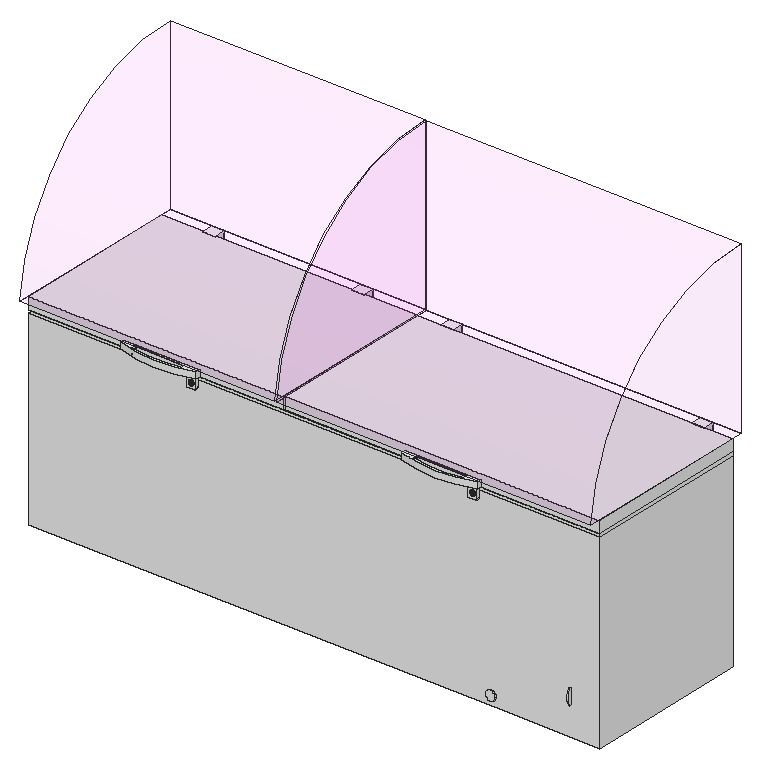
Revit family "Qf_Summit_SCFM252WH_27 Cu.Ft. Chest Freezer", category Specialty Equipment, Revit 2020
Family settings
  Round Connector Dimension = Use Diameter
  Part Type = Normal
  Work Plane-Based = No
  Always vertical = Yes
  Cut with Voids When Loaded = No
  Shared = No
  Room Calculation Point = No
Parameters
  Weight in Pounds = 250
  Watts = FL Amps * Volts  # 264.5 W
  Volts = 115 V
  URL Cutsheet = ""
  Specification by User = ""
  Specification by Manufacturer = ""
  Show Clearance [instance] = yes
  Show Casters [instance] = yes
  Serial Number = ""
  Seismic Rating = ""
  SMACNA No = ""
  Revision Code = ""
  Refrigerant Volume = 0.00 kip
  Refrigerant Type = "R290a"
  Phase = 1
  Number of Poles = 1
  NAFEM Spec ID Number = ""
  Model = "SCFM252WH"
  Min Ckt Ampacity = 0 A
  Max Overcurrent Protection = 0 A
  Masterspec = ""
  Manufacturer = "Summit"
  Length = 91 1/4"
  Item Number = ""
  Installed By = ""
  Indirect Waste Size = 0"
  Indirect Waste Flow = 0 GPM
  Indirect Waste Connection Type = ""
  Identify Quantity as Lot = yes
  Height = 33 7/8"
  HP = ""
  Furnished By = ""
  Foodservice Equipment Identifier = yes
  FL Amps = 2.3 A
  Electrical Remarks = ""
  Electric Connection Type = ""
  Elec Conn RI Height = 0"
  Elec Conn Connection Height = 0"
  Description = "27 Cu.Ft. Chest Freezer"
  Depth = 28 1/4"
  Default Elevation = 0"
  Cycle = 60 Hz
  Conn Plug = ""
  Conn Conduit = yes
  CSI MasterFormat = ""
  Base Height [instance] = 1 1/4"
  Apparent Power = 828 VA
Reference planes (in)
  plane 1: z = 0
  plane 2 "LEFT": x = 0
  plane 3 "RIGHT": x = 91.25
  plane 4 "FRONT": y = -29
  plane 5 "TOP": z = 33.875
  plane 6 "Center Y": x = 45.625
  plane 7 "Center X": y = -14.875
  plane 8 "BACK": y = -0.75
  plane 9: z = 31.5
  plane 10: z = 61
  plane 11: y = -30.75
  plane 12: z = 1.34882
  plane 13: z = 33.875
  plane 14: z = 1.25
  plane 15: y = -26.5
  plane 16: y = -5
  plane 17: x = 86.125
  plane 18: x = 5.125
Lines and regions (in)
  symbolic lines, style "QF_Clearances_Door_Drawer"
    curve 1: arc (23.88, -24.89343, 53.88985) -> (23.88, -28.19841, 49.36538) -> (23.88, -30.64355, 44.32405) r 31.29298
    curve 2: line (23.88, -0.75, 33.875) -> (23.88, -24.89343, 53.88985)
Dimensions and locks (in)
  equal spacing: plane 2 "LEFT", plane 6 "Center Y", plane 3 "RIGHT"
  "Length": plane 2 "LEFT" to plane 3 "RIGHT"
  equal spacing: plane 4 "FRONT", plane 7 "Center X", plane 8 "BACK"
  "Height": plane 5 "TOP" to level
  plane 3 "RIGHT" to plane 2 "LEFT" = 91 1/4"
  plane 5 "TOP" to level = 33 7/8"  (x2)
  "Depth": plane 4 "FRONT" to plane 8 "BACK"
  plane 10 to level = 61"
  plane 9 to plane 14 = 30 1/4"
  plane 11 to plane 8 "BACK" = 30"
  "Base Height": plane 14 to level
  locked: plane 16 to plane 8 "BACK" at 4.25
  locked: plane 4 "FRONT" to plane 15 at 2.5
  locked: plane 3 "RIGHT" to plane 17 at 5.125
  locked: plane 2 "LEFT" to plane 18 at 5.125
  aligned and locked: level to plane 1
  aligned and locked: plane 13 to plane 5 "TOP"
  aligned and locked: plane 7 "Center X" to nested 1
  aligned and locked: plane 18 to nested 3
  aligned and locked: plane 18 to nested 2
  aligned and locked: plane 6 "Center Y" to nested 4
  aligned and locked: plane 6 "Center Y" to nested 5
  aligned and locked: plane 17 to nested 7
  aligned and locked: plane 17 to nested 6
Automatic sketch dimensions
  curve 2 to plane 8 "BACK" = 0"
  curve 2 to plane 13 = 0"
  plane 8 "BACK" to curve 1 = 0.62806"
  curve 1 to plane 5 "TOP" = 0.63166"
  plane 10 to curve 2 = 7.11015"
  curve 1 to plane 11 = 0.10645"
  curve 2 to plane 4 "FRONT" = 4.10657"
Nested families (in)
  nested 1: "Summit_SCFM252WH" at (0, 0, 0), type "Summit_SCFM252WH"
  nested 2: "Summit_CASTER-2" at (3.92188, -3.67188, 0), visible <- "Show Casters", type "Summit_CASTER-2"
  nested 3: "Summit_CASTER-2" at (3.92188, -25.17188, 0), visible <- "Show Casters", type "Summit_CASTER-2"
  nested 4: "Summit_CASTER-2" at (44.42187, -25.17188, 0), visible <- "Show Casters", type "Summit_CASTER-2"
  nested 5: "Summit_CASTER-2" at (44.42188, -3.67188, 0), visible <- "Show Casters", type "Summit_CASTER-2"
  nested 6: "Summit_CASTER-2" at (84.92188, -3.67188, 0), visible <- "Show Casters", type "Summit_CASTER-2"
  nested 7: "Summit_CASTER-2" at (84.92188, -25.17188, 0), visible <- "Show Casters", type "Summit_CASTER-2"
Connectors (in)
  electrical at (81.24454, -0.75, 3.25), driven by "Volts", driven by "Apparent Power"
    settings: on nested 1, index 1, voltage 115 V, apparent load 828 VA, apparent load phase1 0 VA, apparent load phase2 0 VA, apparent load phase3 0 VA, power factor 1, load classification "Other", number of poles 1, system type 30, power factor state 1, is connector primary yes, connector utility no, sub classification motor no, connector description "Electrical Inlet"
Definition of nested family "Summit_SCFM252WH"
  Parameters (values of type "Summit_SCFM252WH")
    Model = ""
    Manufacturer = ""
    Length = 91 1/4"
    Height = 33 7/8"
    Description = ""
    Depth = 28 1/4"
    Default Elevation = 0"
  Reference planes (in)
    plane 1: z = 0
    plane 2 "LEFT": x = 0
    plane 3 "RIGHT": x = 91.25
    plane 4 "FRONT": y = -29
    plane 5 "TOP": z = 33.875
    plane 6 "Center Y": x = 45.625
    plane 7 "Center X": y = -14.875
    plane 8 "BACK": y = -0.75
    plane 9: z = 32
    plane 10: z = 61
    plane 11: y = -30.75
    plane 12: y = -24.67613
    plane 13: z = 1.25
    plane 14: x = 5.125
    plane 15: y = -26.5
    plane 16: y = -5
    plane 17: z = 31.5
    plane 18: z = 8.21721
    plane 19: x = 86.125
  Forms (in)
    Extrusion 1, solid
      sketch origin (0, 0, 0) x (1, 0, 0) y (0, 1, 0)
        loop
          line (0, -2.5) -> (0, -29) -> (91.25, -29) -> (91.25, -2.5) -> (0, -2.5)
      from 1.25 to 31.5
    Extrusion 2, solid
      sketch origin (0, 0, 0) x (1, 0, 0) y (0, 1, 0)
        loop
          line (0, -2.5) -> (0, -29) -> (40.75, -29) -> (40.75, -2.5) -> (0, -2.5)
      from 32 to 33.875
    Extrusion 3, solid
      sketch origin (0, 0, 0) x (1, 0, 0) y (0, 1, 0)
        loop
          line (91.25, -29) -> (91.25, -2.5) -> (0.375, -2.5) -> (0.375, -29) -> (91.25, -29)
      from 32 to 31.5
    Extrusion 4, solid
      sketch origin (23.88, -0.20959, 0) x (0, 1, 0) y (0, 0, 1)
        loop
          line (-0.54041, 33.875) -> (-0.54041, 61)
          arc (-0.54041, 61) -> (-20.95944, 53.43099) -> (-30.54014, 33.875) r 29.34507
          line (-30.54014, 33.875) -> (-0.54041, 33.875)
      from -23.88 to 16.87
    Extrusion 5, solid
      sketch origin (-5.25, 0, -1.09678) x (1, 0, 0) y (0, 1, 0)
        loop
          line (13.81099, -0.75) -> (11.93621, -0.75)
          arc (11.93621, -0.75) -> (11.89293, -0.76793) -> (11.875, -0.81121) r 0.06121
          line (11.875, -0.81121) -> (11.875, -2.5) -> (13.875, -2.5) -> (13.875, -0.81401)
          arc (13.875, -0.81401) -> (13.85625, -0.76875) -> (13.81099, -0.75) r 0.06401
      from 29.87748 to 34.97178
    Extrusion 6, solid
      sketch origin (0, -0.75, 0) x (1, 0, 0) y (0, 0, 1)
        loop
          line (8.125, 1.75) -> (0, 1.75) -> (0, 1.25) -> (8.125, 1.25) -> (8.125, 1.75)
        loop
          line (74.5, 1.75) -> (74.5, 1.25) -> (91.25, 1.25) -> (91.25, 1.75) -> (74.5, 1.75)
      from 1.75 to 28.25
    Extrusion 7, solid
      sketch origin (-0.33103, -29, 0.72217) x (1, 0, 0) y (0, 0, 1)
        loop
          circle (74.20617, 2.02068) r 0.75
      from 0 to 0.15
    Extrusion 8, solid
      sketch origin (70.5, 0, -1.09678) x (-1, 0, 0) y (0, -1, 0)
        loop
          arc (-14.31401, 0.75) -> (-14.26875, 0.76875) -> (-14.25, 0.81401) r 0.06401
          line (-14.25, 0.81401) -> (-14.25, 2.5) -> (-16.25, 2.5) -> (-16.25, 0.81121)
          arc (-16.25, 0.81121) -> (-16.23207, 0.76793) -> (-16.18879, 0.75) r 0.06121
          line (-16.18879, 0.75) -> (-14.31401, 0.75)
      from 29.87748 to 34.97178
    Extrusion 9, solid
      sketch origin (41.75, 0, -1.09678) x (-1, 0, 0) y (0, -1, 0)
        loop
          arc (-2.93901, 0.75) -> (-2.89375, 0.76875) -> (-2.875, 0.81401) r 0.06401
          line (-2.875, 0.81401) -> (-2.875, 2.5) -> (-4.875, 2.5) -> (-4.875, 0.81121)
          arc (-4.875, 0.81121) -> (-4.85707, 0.76793) -> (-4.81379, 0.75) r 0.06121
          line (-4.81379, 0.75) -> (-2.93901, 0.75)
      from 29.87748 to 34.97178
    Extrusion 10, solid
      sketch origin (12.58215, -30.39733, -0.79961) x (1, 0, 0) y (0, 0, 1)
        loop
          circle (58.61851, 31.74798) r 0.4375
        loop
          circle (58.61851, 31.74798) r 0.3125
        loop
          line (58.58726, 31.96804) -> (58.58726, 31.63987) -> (58.64976, 31.63987) -> (58.64976, 31.96804) -> (58.58726, 31.96804)
      from -0.9984 to -1.39733
    Extrusion 11, solid
      sketch origin (13.4, 0, -1.09678) x (1, 0, 0) y (0, 1, 0)
        loop
          line (18.91099, -0.75) -> (17.03621, -0.75)
          arc (17.03621, -0.75) -> (16.99293, -0.76793) -> (16.975, -0.81121) r 0.06121
          line (16.975, -0.81121) -> (16.975, -2.5) -> (18.975, -2.5) -> (18.975, -0.81401)
          arc (18.975, -0.81401) -> (18.95625, -0.76875) -> (18.91099, -0.75) r 0.06401
      from 29.87748 to 34.97178
    Extrusion 12, solid
      sketch origin (12.95568, 0.25, 0) x (1, 0, 0) y (0, 0, 1)
        loop
          line (57.49498, 32) -> (57.49498, 30.36346)
          arc (57.49498, 30.36346) -> (57.56821, 30.18669) -> (57.74498, 30.11346) r 0.25
          line (57.74498, 30.11346) -> (58.74498, 30.11346)
          arc (58.74498, 30.11346) -> (58.92176, 30.18669) -> (58.99498, 30.36346) r 0.25
          line (58.99498, 30.36346) -> (58.99498, 32) -> (57.49498, 32)
        loop
          circle (58.24498, 30.94837) r 0.4375
        loop
          line (12.54432, 32) -> (12.54432, 30.36346)
          arc (12.54432, 30.36346) -> (12.61755, 30.18669) -> (12.79432, 30.11346) r 0.25
          line (12.79432, 30.11346) -> (13.79432, 30.11346)
          arc (13.79432, 30.11346) -> (13.9711, 30.18669) -> (14.04432, 30.36346) r 0.25
          line (14.04432, 30.36346) -> (14.04432, 32) -> (12.54432, 32)
        loop
          circle (13.29432, 30.94837) r 0.4375
        loop
          circle (13.29432, 30.94837) r 0.3125
        loop
          line (13.32557, 30.84026) -> (13.32557, 31.16842) -> (13.26307, 31.16842) -> (13.26307, 30.84026) -> (13.32557, 30.84026)
        loop
          circle (58.24498, 30.94837) r 0.3125
        loop
          line (58.27623, 30.84026) -> (58.27623, 31.16842) -> (58.21373, 31.16842) -> (58.21373, 30.84026) -> (58.27623, 30.84026)
      from 29.25 to 29.64894
    Extrusion 13, solid
      sketch origin (75.82932, -0.75, 7.90536) x (0, 0, -1) y (0, 1, 0)
        loop
          line (-0.31186, -28.25) -> (-0.31186, -28.43196)
          arc (-0.31186, -28.43196) -> (0.90613, -28.74097) -> (2.12411, -28.43196) r 2.55484
          line (2.12411, -28.43196) -> (2.12411, -28.25) -> (-0.31186, -28.25)
      from 10.75983 to 10.50983
    Extrusion 14, solid
      sketch origin (-23.125, -3.75, -1.09678) x (1, 0, 0) y (0, 1, 0)
        loop
          arc (38.375, -25.94589) -> (44.375, -27) -> (50.375, -25.94589) r 17.60307
          line (50.375, -25.94589) -> (50.375, -25.25) -> (38.375, -25.25) -> (38.375, -25.94589)
        loop
          arc (40.375, -26.17719) -> (40.38579, -26.20822) -> (40.4135, -26.22585) r 0.05
          arc (40.4135, -26.22585) -> (44.375, -26.6875) -> (48.3365, -26.22585) r 17.22807
          arc (48.3365, -26.22585) -> (48.36421, -26.20822) -> (48.375, -26.17719) r 0.05
          line (48.375, -26.17719) -> (48.375, -25.6125)
          arc (48.375, -25.6125) -> (48.36036, -25.57714) -> (48.325, -25.5625) r 0.05
          line (48.325, -25.5625) -> (40.425, -25.5625)
          arc (40.425, -25.5625) -> (40.38964, -25.57714) -> (40.375, -25.6125) r 0.05
          line (40.375, -25.6125) -> (40.375, -26.17719)
      from 33.09678 to 34.09678
    Extrusion 15, solid
      sketch origin (19.25, -3.75, -1.09678) x (1, 0, 0) y (0, 1, 0)
        loop
          arc (40.95066, -25.94589) -> (46.95066, -27) -> (52.95066, -25.94589) r 17.60307
          line (52.95066, -25.94589) -> (52.95066, -25.25) -> (40.95066, -25.25) -> (40.95066, -25.94589)
        loop
          arc (42.98916, -26.22585) -> (46.95066, -26.6875) -> (50.91216, -26.22585) r 17.22807
          arc (50.91216, -26.22585) -> (50.93987, -26.20822) -> (50.95066, -26.17719) r 0.05
          line (50.95066, -26.17719) -> (50.95066, -25.6125)
          arc (50.95066, -25.6125) -> (50.93601, -25.57714) -> (50.90066, -25.5625) r 0.05
          line (50.90066, -25.5625) -> (43.00066, -25.5625)
          arc (43.00066, -25.5625) -> (42.9653, -25.57714) -> (42.95066, -25.6125) r 0.05
          line (42.95066, -25.6125) -> (42.95066, -26.17719)
          arc (42.95066, -26.17719) -> (42.96145, -26.20822) -> (42.98916, -26.22585) r 0.05
      from 33.09678 to 34.09678
    Extrusion 16, solid
      sketch origin (-32.36851, -30.39733, -0.79961) x (1, 0, 0) y (0, 0, 1)
        loop
          circle (58.61851, 31.74798) r 0.4375
        loop
          circle (58.61851, 31.74798) r 0.3125
        loop
          line (58.58726, 31.96804) -> (58.58726, 31.63987) -> (58.64976, 31.63987) -> (58.64976, 31.96804) -> (58.58726, 31.96804)
      from -0.9984 to -1.39733
    Extrusion 17, solid
      sketch origin (41, 0, 0) x (1, 0, 0) y (0, 1, 0)
        loop
          line (0, -2.5) -> (0, -29) -> (50.25, -29) -> (50.25, -2.5) -> (0, -2.5)
      from 32 to 33.875
    Extrusion 18, solid
      sketch origin (58.12, -0.20959, 0) x (0, 1, 0) y (0, 0, -1)
        loop
          line (-0.54041, -33.875) -> (-30.54014, -33.875)
          arc (-30.54014, -33.875) -> (-20.95944, -53.43099) -> (-0.54041, -61) r 29.34507
          line (-0.54041, -61) -> (-0.54041, -33.875)
      from -33.13 to 17.12
    Extrusion 19, solid
      sketch origin (0, -0.75, 0) x (1, 0, 0) y (0, 0, 1)
        loop
          circle (81.24454, 3.25) r 0.25
      from 0 to 0.03125
  Cuts and joins
    joined: Extrusion 1, Extrusion 6, Extrusion 7, Extrusion 19
  Lines and regions (in)
    Split face 1
      outline origin (0.0625, -29, 31.51563) x (0, 0, -1) y (1, 0, 0)
        loop
          arc (22.75252, 82.8951) -> (24.50252, 81.1451) -> (26.25252, 82.8951) r 1.75
          line (26.25252, 82.8951) -> (26.25252, 86.3951)
          arc (26.25252, 86.3951) -> (24.50252, 88.1451) -> (22.75252, 86.3951) r 1.75
          line (22.75252, 86.3951) -> (22.75252, 82.8951)
    Split face 2
      outline origin (0.0625, -29, 31.51563) x (0, 0, -1) y (1, 0, 0)
        loop
          arc (22.81502, 82.92635) -> (24.50252, 81.23885) -> (26.19002, 82.92635) r 1.6875
          line (26.19002, 82.92635) -> (26.19002, 86.36385)
          arc (26.19002, 86.36385) -> (24.50252, 88.05135) -> (22.81502, 86.36385) r 1.6875
          line (22.81502, 86.36385) -> (22.81502, 82.92635)
    Split face 3
      outline origin (3.37627, -29, 31.91694) x (0, 0, -1) y (1, 0, 0)
        loop
          circle (25.90383, 79.58133) r 0.25
    Split face 4
      outline origin (0.25127, -29, 31.91694) x (0, 0, -1) y (1, 0, 0)
        loop
          circle (25.90383, 84.20633) r 0.25
    Split face 5
      outline origin (0.75, -29, 31.89063) x (0, 0, -1) y (1, 0, 0)
        loop
          circle (24.87494, 85.70274) r 1.25
    Split face 6
      outline origin (0.75, -29, 31.89063) x (0, 0, -1) y (1, 0, 0)
        loop
          circle (24.87494, 85.70274) r 1.19066
    symbolic lines
      curve 1: arc (23.88, -22.68683, 51.94043) -> (23.88, -28.27687, 43.6057) -> (23.88, -30.73241, 33.875) r 29.35218
      curve 2: line (23.88, -0.81401, 33.875) -> (23.88, -22.68683, 51.94043)
      curve 3: line (91.25, -29, 0) -> (91.25, -2.5, 0)
      curve 4: line (91.25, -2.5, 0) -> (41, -2.5, 0)
      curve 5: line (0, -2.5, 0) -> (0, -29, 0)
      curve 6: line (0, -29, 0) -> (41, -29, 0)
      curve 7: arc (50.29151, -29.65683, 0) -> (50.2958, -29.65167, 0) -> (50.29992, -29.64637, 0) r 0.2
      curve 8: line (53.75, -29, 0) -> (53.75, -29.25, 0)
      curve 9: line (53.75, -29.25, 0) -> (53.75, -29, 0)
      curve 10: line (6.6, -0.8125, 0) -> (6.6, -2.43963, 0)
      curve 11: arc (6.6, -2.43963, 0) -> (6.61831, -2.48383, 0) -> (6.6625, -2.50213, 0) r 0.0625
      curve 12: line (6.6625, -2.50213, 0) -> (6.725, -2.50213, 0)
      curve 13: line (6.725, -2.50213, 0) -> (6.725, -0.75, 0)
      curve 14: line (6.725, -0.75, 0) -> (6.6625, -0.75, 0)
      curve 15: arc (6.6625, -0.75, 0) -> (6.61831, -0.76831, 0) -> (6.6, -0.8125, 0) r 0.0625
      curve 16: line (8.6, -2.43963, 0) -> (8.6, -0.8125, 0)
      curve 17: arc (8.6, -0.8125, 0) -> (8.58169, -0.76831, 0) -> (8.5375, -0.75, 0) r 0.0625
      curve 18: line (8.5375, -0.75, 0) -> (8.475, -0.75, 0)
      curve 19: line (8.475, -0.75, 0) -> (8.475, -2.50213, 0)
      curve 20: line (8.475, -2.50213, 0) -> (8.5375, -2.50213, 0)
      curve 21: arc (8.5375, -2.50213, 0) -> (8.58169, -2.48383, 0) -> (8.6, -2.43963, 0) r 0.0625
      curve 22: line (8.41099, -0.75, 0) -> (6.78621, -0.75, 0)
      curve 23: arc (6.78621, -0.75, 0) -> (6.74293, -0.76793, 0) -> (6.725, -0.81121, 0) r 0.06121
      curve 24: line (6.725, -0.81121, 0) -> (6.725, -2.43963, 0)
      curve 25: line (6.725, -2.43963, 0) -> (8.475, -2.43963, 0)
      curve 26: line (8.475, -2.43963, 0) -> (8.475, -0.81401, 0)
      curve 27: arc (8.475, -0.81401, 0) -> (8.45625, -0.76875, 0) -> (8.41099, -0.75, 0) r 0.06401
      curve 28: line (86.74375, -0.8125, 0) -> (86.74375, -2.43963, 0)
      curve 29: arc (86.74375, -2.43963, 0) -> (86.72544, -2.48383, 0) -> (86.68125, -2.50213, 0) r 0.0625
      curve 30: line (86.68125, -2.50213, 0) -> (86.61875, -2.50213, 0)
      curve 31: line (86.61875, -2.50213, 0) -> (86.61875, -0.75, 0)
      curve 32: line (86.61875, -0.75, 0) -> (86.68125, -0.75, 0)
      curve 33: arc (86.68125, -0.75, 0) -> (86.72544, -0.76831, 0) -> (86.74375, -0.8125, 0) r 0.0625
      curve 34: line (84.74375, -2.43963, 0) -> (84.74375, -0.8125, 0)
      curve 35: arc (84.74375, -0.8125, 0) -> (84.76206, -0.76831, 0) -> (84.80625, -0.75, 0) r 0.0625
      curve 36: line (84.80625, -0.75, 0) -> (84.86875, -0.75, 0)
      curve 37: line (84.86875, -0.75, 0) -> (84.86875, -2.50213, 0)
      curve 38: line (84.86875, -2.50213, 0) -> (84.80625, -2.50213, 0)
      curve 39: arc (84.80625, -2.50213, 0) -> (84.76206, -2.48383, 0) -> (84.74375, -2.43963, 0) r 0.0625
      curve 40: line (84.93276, -0.75, 0) -> (86.55754, -0.75, 0)
      curve 41: arc (86.55754, -0.75, 0) -> (86.60082, -0.76793, 0) -> (86.61875, -0.81121, 0) r 0.06121
      curve 42: line (86.61875, -0.81121, 0) -> (86.61875, -2.43963, 0)
      curve 43: line (86.61875, -2.43963, 0) -> (84.86875, -2.43963, 0)
      curve 44: line (84.86875, -2.43963, 0) -> (84.86875, -0.81401, 0)
      curve 45: arc (84.86875, -0.81401, 0) -> (84.8875, -0.76875, 0) -> (84.93276, -0.75, 0) r 0.06401
      curve 46: line (32.375, -0.8125, 0) -> (32.375, -2.43963, 0)
      curve 47: arc (32.375, -2.43963, 0) -> (32.35669, -2.48383, 0) -> (32.3125, -2.50213, 0) r 0.0625
      curve 48: line (32.3125, -2.50213, 0) -> (32.25, -2.50213, 0)
      curve 49: line (32.25, -2.50213, 0) -> (32.25, -0.75, 0)
      curve 50: line (32.25, -0.75, 0) -> (32.3125, -0.75, 0)
      curve 51: arc (32.3125, -0.75, 0) -> (32.35669, -0.76831, 0) -> (32.375, -0.8125, 0) r 0.0625
      curve 52: line (30.375, -2.43963, 0) -> (30.375, -0.8125, 0)
      curve 53: arc (30.375, -0.8125, 0) -> (30.39331, -0.76831, 0) -> (30.4375, -0.75, 0) r 0.0625
      curve 54: line (30.4375, -0.75, 0) -> (30.5, -0.75, 0)
      curve 55: line (30.5, -0.75, 0) -> (30.5, -2.50213, 0)
      curve 56: line (30.5, -2.50213, 0) -> (30.4375, -2.50213, 0)
      curve 57: arc (30.4375, -2.50213, 0) -> (30.39331, -2.48383, 0) -> (30.375, -2.43963, 0) r 0.0625
      curve 58: line (30.56401, -0.75, 0) -> (32.18879, -0.75, 0)
      curve 59: arc (32.18879, -0.75, 0) -> (32.23207, -0.76793, 0) -> (32.25, -0.81121, 0) r 0.06121
      curve 60: line (32.25, -0.81121, 0) -> (32.25, -2.43963, 0)
      curve 61: line (32.25, -2.43963, 0) -> (30.5, -2.43963, 0)
      curve 62: line (30.5, -2.43963, 0) -> (30.5, -0.81401, 0)
      curve 63: arc (30.5, -0.81401, 0) -> (30.51875, -0.76875, 0) -> (30.56401, -0.75, 0) r 0.06401
      curve 64: line (46.625, -0.8125, 0) -> (46.625, -2.43963, 0)
      curve 65: arc (46.625, -2.43963, 0) -> (46.60669, -2.48383, 0) -> (46.5625, -2.50213, 0) r 0.0625
      curve 66: line (46.5625, -2.50213, 0) -> (46.5, -2.50213, 0)
      curve 67: line (46.5, -2.50213, 0) -> (46.5, -0.75, 0)
      curve 68: line (46.5, -0.75, 0) -> (46.5625, -0.75, 0)
      curve 69: arc (46.5625, -0.75, 0) -> (46.60669, -0.76831, 0) -> (46.625, -0.8125, 0) r 0.0625
      curve 70: line (44.625, -2.43963, 0) -> (44.625, -0.8125, 0)
      curve 71: arc (44.625, -0.8125, 0) -> (44.64331, -0.76831, 0) -> (44.6875, -0.75, 0) r 0.0625
      curve 72: line (44.6875, -0.75, 0) -> (44.75, -0.75, 0)
      curve 73: line (44.75, -0.75, 0) -> (44.75, -2.50213, 0)
      curve 74: line (44.75, -2.50213, 0) -> (44.6875, -2.50213, 0)
      curve 75: arc (44.6875, -2.50213, 0) -> (44.64331, -2.48383, 0) -> (44.625, -2.43963, 0) r 0.0625
      curve 76: line (44.81401, -0.75, 0) -> (46.43879, -0.75, 0)
      curve 77: arc (46.43879, -0.75, 0) -> (46.48207, -0.76793, 0) -> (46.5, -0.81121, 0) r 0.06121
      curve 78: line (46.5, -0.81121, 0) -> (46.5, -2.43963, 0)
      curve 79: line (46.5, -2.43963, 0) -> (44.75, -2.43963, 0)
      curve 80: line (44.75, -2.43963, 0) -> (44.75, -0.81401, 0)
      curve 81: arc (44.75, -0.81401, 0) -> (44.76875, -0.76875, 0) -> (44.81401, -0.75, 0) r 0.06401
      curve 82: line (40.75, -29, 0) -> (40.75, -2.5, 0)
      curve 83: line (41, -2.5, 0) -> (41, -29, 0)
      curve 84: line (41, -2.5, 0) -> (0, -2.5, 0)
      curve 85: line (41, -29, 0) -> (91.25, -29, 0)
      curve 86: line (17.3, -29.3125, 0) -> (25.2, -29.3125, 0)
      curve 87: arc (25.2, -29.3125, 0) -> (25.23536, -29.32714, 0) -> (25.25, -29.3625, 0) r 0.05
      curve 88: line (25.25, -29.3625, 0) -> (25.25, -29.92719, 0)
      curve 89: arc (25.25, -29.92719, 0) -> (25.23921, -29.95822, 0) -> (25.2115, -29.97585, 0) r 0.05
      curve 90: arc (25.2115, -29.97585, 0) -> (21.25, -30.4375, 0) -> (17.2885, -29.97585, 0) r 17.22807
      curve 91: arc (17.2885, -29.97585, 0) -> (17.26079, -29.95822, 0) -> (17.25, -29.92719, 0) r 0.05
      curve 92: line (17.25, -29.92719, 0) -> (17.25, -29.3625, 0)
      curve 93: arc (17.25, -29.3625, 0) -> (17.26464, -29.32714, 0) -> (17.3, -29.3125, 0) r 0.05
      curve 94: line (15.25, -29, 0) -> (15.25, -29.69589, 0)
      curve 95: arc (15.25, -29.69589, 0) -> (21.25, -30.75, 0) -> (27.25, -29.69589, 0) r 17.60307
      curve 96: line (27.25, -29.69589, 0) -> (27.25, -29, 0)
      curve 97: arc (60.20066, -29.69589, 0) -> (66.20066, -30.75, 0) -> (72.20066, -29.69589, 0) r 17.60307
      curve 98: line (72.20066, -29.69589, 0) -> (72.20066, -29, 0)
      curve 99: line (60.20066, -29, 0) -> (60.20066, -29.69589, 0)
      curve 100: line (62.25066, -29.3125, 0) -> (70.15066, -29.3125, 0)
      curve 101: arc (70.15066, -29.3125, 0) -> (70.18601, -29.32714, 0) -> (70.20066, -29.3625, 0) r 0.05
      curve 102: line (70.20066, -29.3625, 0) -> (70.20066, -29.92719, 0)
      curve 103: arc (70.20066, -29.92719, 0) -> (70.18987, -29.95822, 0) -> (70.16216, -29.97585, 0) r 0.05
      curve 104: arc (70.16216, -29.97585, 0) -> (66.20066, -30.4375, 0) -> (62.23916, -29.97585, 0) r 17.22807
      curve 105: arc (62.23916, -29.97585, 0) -> (62.21145, -29.95822, 0) -> (62.20066, -29.92719, 0) r 0.05
      curve 106: line (62.20066, -29.92719, 0) -> (62.20066, -29.3625, 0)
      curve 107: arc (62.20066, -29.3625, 0) -> (62.2153, -29.32714, 0) -> (62.25066, -29.3125, 0) r 0.05
  Dimensions and locks (in)
    equal spacing: plane 2 "LEFT", plane 6 "Center Y", plane 3 "RIGHT"
    "Length": plane 2 "LEFT" to plane 3 "RIGHT"
    equal spacing: plane 4 "FRONT", plane 7 "Center X", plane 8 "BACK"
    "Height": plane 5 "TOP" to level
    plane 3 "RIGHT" to plane 2 "LEFT" = 91 1/4"
    plane 5 "TOP" to level = 33 7/8"  (x2)
    "Depth": plane 4 "FRONT" to plane 8 "BACK"
    plane 10 to level = 61"
    cut or joined group of Extrusion 1, Extrusion 6, Extrusion 7, Extrusion 19 to plane 13 = 30 1/4"
    plane 11 to plane 8 "BACK" = 30"
    Extrusion 2 to plane 4 "FRONT" = 26 1/2"
    plane 11 to plane 4 "FRONT" = 1 3/4"
    locked: plane 14 to plane 2 "LEFT" at 5.125
    locked: plane 4 "FRONT" to plane 15 at 2.5
    locked: plane 16 to cut or joined group of Extrusion 1, Extrusion 6, Extrusion 7, Extrusion 19 at 2.5
    plane 9 to plane 13 = 30 3/4"
    plane 13 to level = 1 1/4"
    plane 9 to plane 17 = 1/2"
    Extrusion 18 to Extrusion 4 = 1/4"
    locked: plane 3 "RIGHT" to plane 19 at 5.125
    Extrusion 4 to Extrusion 4 = 40 3/4"
    Extrusion 18 to plane 3 "RIGHT" = 50 1/4"
    Extrusion 18 to cut or joined group of Extrusion 1, Extrusion 6, Extrusion 7, Extrusion 19 = 32 5/8"
    aligned and locked: level to plane 1
    aligned and locked: plane 5 "TOP" to Extrusion 2
    aligned and locked: Extrusion 4 to plane 2 "LEFT"
    aligned and locked: plane 4 "FRONT" to Extrusion 6
    aligned and locked: Extrusion 6 to cut or joined group of Extrusion 1, Extrusion 6, Extrusion 7, Extrusion 19
    aligned and locked: Extrusion 3 to plane 3 "RIGHT"
    aligned and locked: plane 5 "TOP" to Extrusion 5
    aligned and locked: plane 5 "TOP" to Extrusion 11
    aligned and locked: Extrusion 8 to Extrusion 5
    aligned and locked: Extrusion 9 to Extrusion 8
    aligned and locked: Extrusion 11 to Extrusion 8
    aligned and locked: Extrusion 4 to Extrusion 11
    aligned and locked: Extrusion 8 to Extrusion 4
    aligned and locked: Extrusion 9 to Extrusion 4
    aligned and locked: Extrusion 17 to plane 3 "RIGHT"
  Automatic sketch dimensions
    Extrusion 1 sketch curve to plane 2 "LEFT" = 0"
    Extrusion 1 sketch curve to plane 3 "RIGHT" = 0"
    plane 4 "FRONT" to Extrusion 1 sketch curve = 0"
    plane 8 "BACK" to Extrusion 1 sketch curve = 1 3/4"
    Extrusion 2 sketch curve to plane 2 "LEFT" = 0"
    plane 4 "FRONT" to Extrusion 2 sketch curve = 0"
    Extrusion 2 sketch curve to plane 6 "Center Y" = 4 7/8"
    plane 8 "BACK" to Extrusion 2 sketch curve = 1 3/4"
    plane 4 "FRONT" to Extrusion 3 sketch curve = 0"
    Extrusion 3 sketch curve to plane 3 "RIGHT" = 0"
    plane 2 "LEFT" to Extrusion 3 sketch curve = 3/8"
    plane 8 "BACK" to Extrusion 3 sketch curve = 1 3/4"
    Split face 1 sketch curve to cut or joined group of Extrusion 1, Extrusion 6, Extrusion 7, Extrusion 19 = 7.51311"
    Split face 1 sketch curve to Split face 1 sketch curve = 1 3/4"
    Split face 1 sketch curve to cut or joined group of Extrusion 1, Extrusion 6, Extrusion 7, Extrusion 19 = 8.2924"
    Split face 1 sketch curve to Split face 1 sketch curve = 3 1/2"
    Split face 2 sketch curve to cut or joined group of Extrusion 1, Extrusion 6, Extrusion 7, Extrusion 19 = 7.45061"
    Split face 2 sketch curve to Split face 2 sketch curve = 1 11/16"
    Split face 2 sketch curve to cut or joined group of Extrusion 1, Extrusion 6, Extrusion 7, Extrusion 19 = 8.26115"
    Split face 2 sketch curve to Split face 2 sketch curve = 3 7/16"
    Split face 3 sketch curve to cut or joined group of Extrusion 1, Extrusion 6, Extrusion 7, Extrusion 19 = 4.76311"
    Split face 3 sketch curve to cut or joined group of Extrusion 1, Extrusion 6, Extrusion 7, Extrusion 19 = 8.2924"
    Split face 4 sketch curve to cut or joined group of Extrusion 1, Extrusion 6, Extrusion 7, Extrusion 19 = 4.76311"
    Split face 4 sketch curve to cut or joined group of Extrusion 1, Extrusion 6, Extrusion 7, Extrusion 19 = 6.7924"
    Split face 5 sketch curve to cut or joined group of Extrusion 1, Extrusion 6, Extrusion 7, Extrusion 19 = 5.76568"
    Split face 5 sketch curve to cut or joined group of Extrusion 1, Extrusion 6, Extrusion 7, Extrusion 19 = 4.79726"
    Split face 6 sketch curve to cut or joined group of Extrusion 1, Extrusion 6, Extrusion 7, Extrusion 19 = 5.76568"
    Split face 6 sketch curve to cut or joined group of Extrusion 1, Extrusion 6, Extrusion 7, Extrusion 19 = 4.79726"
    plane 8 "BACK" to Extrusion 5 sketch curve = 0"
    plane 14 to Extrusion 5 sketch curve = 1 1/2"
    Extrusion 5 sketch curve to Extrusion 5 sketch curve = 0.06121"
    Extrusion 5 sketch curve to Extrusion 5 sketch curve = 1.87478"
    Extrusion 5 sketch curve to Extrusion 5 sketch curve = 0.06401"
    Extrusion 5 sketch curve to Extrusion 5 sketch curve = 1.68599"
    Extrusion 6 sketch curve to plane 2 "LEFT" = 0"
    Extrusion 6 sketch curve to plane 13 = 0"  (x2)
    plane 3 "RIGHT" to Extrusion 6 sketch curve = 0"
    plane 14 to Extrusion 6 sketch curve = 3"
    Extrusion 6 sketch curve to plane 13 = 1/2"
    Extrusion 6 sketch curve to Extrusion 6 sketch curve = 1/2"
    plane 8 "BACK" to Extrusion 8 sketch curve = 0"
    Extrusion 8 sketch curve to Extrusion 8 sketch curve = 0.06121"
    Extrusion 8 sketch curve to Extrusion 8 sketch curve = 1.87478"
    Extrusion 8 sketch curve to Extrusion 8 sketch curve = 0.06401"
    Extrusion 8 sketch curve to Extrusion 8 sketch curve = 1.68879"
    plane 8 "BACK" to Extrusion 9 sketch curve = 0"
    plane 6 "Center Y" to Extrusion 9 sketch curve = 1"
    Extrusion 9 sketch curve to Extrusion 9 sketch curve = 0.06121"
    Extrusion 9 sketch curve to plane 6 "Center Y" = 0.93599"
    Extrusion 9 sketch curve to plane 6 "Center Y" = 1"
    Extrusion 9 sketch curve to Extrusion 9 sketch curve = 1.68879"
    Extrusion 10 sketch curve to Extrusion 10 sketch curve = 0"  (x3)
    Extrusion 10 sketch curve to plane 17 = 0.65974"
    Extrusion 10 sketch curve to Extrusion 10 sketch curve = 1/32"
    Extrusion 10 sketch curve to Extrusion 10 sketch curve = 1/16"
    Extrusion 10 sketch curve to Extrusion 10 sketch curve = 0.10811"
    Extrusion 10 sketch curve to Extrusion 10 sketch curve = 0.22005"
    plane 8 "BACK" to Extrusion 11 sketch curve = 0"
    plane 8 "BACK" to Extrusion 11 sketch curve = 1 3/4"
    Extrusion 11 sketch curve to plane 6 "Center Y" = 15 1/4"
    Extrusion 11 sketch curve to Extrusion 11 sketch curve = 0.06121"
    Extrusion 11 sketch curve to Extrusion 11 sketch curve = 1.87478"
    Extrusion 11 sketch curve to Extrusion 11 sketch curve = 0.06401"
    Extrusion 12 sketch curve to Extrusion 12 sketch curve = 0"  (x7)
    Extrusion 12 sketch curve to plane 9 = 0"  (x2)
    Extrusion 12 sketch curve to plane 6 "Center Y" = 20 1/8"
    Extrusion 12 sketch curve to Extrusion 12 sketch curve = 1/4"  (x3)
    Extrusion 12 sketch curve to plane 17 = 0.33158"  (x2)
    Extrusion 12 sketch curve to Extrusion 12 sketch curve = 15/32"  (x4)
    Extrusion 12 sketch curve to Extrusion 12 sketch curve = 1/32"  (x2)
    Extrusion 12 sketch curve to Extrusion 12 sketch curve = 1/16"  (x2)
    Extrusion 12 sketch curve to Extrusion 12 sketch curve = 23/32"
    Extrusion 12 sketch curve to Extrusion 12 sketch curve = 0.22005"  (x2)
    Extrusion 12 sketch curve to Extrusion 12 sketch curve = 0.10811"  (x2)
    Extrusion 12 sketch curve to Extrusion 12 sketch curve = 0.47679"
    Extrusion 12 sketch curve to Extrusion 12 sketch curve = 0.5849"
    Extrusion 12 sketch curve to Extrusion 12 sketch curve = 9/32"
    Extrusion 13 sketch curve to plane 4 "FRONT" = 0"
    plane 18 to Extrusion 13 sketch curve = 0"
    Extrusion 13 sketch curve to plane 15 = 0.43613"
    plane 18 to Extrusion 13 sketch curve = 1.21798"
    Extrusion 13 sketch curve to Extrusion 13 sketch curve = 1.21798"
    Extrusion 13 sketch curve to Extrusion 13 sketch curve = 0.18196"
    plane 4 "FRONT" to Extrusion 14 sketch curve = 0"
    plane 14 to Extrusion 14 sketch curve = 10 1/8"
    Extrusion 14 sketch curve to Extrusion 14 sketch curve = 2"  (x2)
    Extrusion 14 sketch curve to Extrusion 14 sketch curve = 0.05"  (x3)
    plane 7 "Center X" to Extrusion 14 sketch curve = 1.66557"
    Extrusion 14 sketch curve to Extrusion 14 sketch curve = 3.95"
    Extrusion 14 sketch curve to Extrusion 14 sketch curve = 0"  (x3)
    plane 4 "FRONT" to Extrusion 14 sketch curve = 0.3625"
    Extrusion 14 sketch curve to Extrusion 14 sketch curve = 7.9"
    plane 4 "FRONT" to Extrusion 14 sketch curve = 0.69589"
    Extrusion 14 sketch curve to Extrusion 14 sketch curve = 0.56469"  (x2)
    Extrusion 14 sketch curve to Extrusion 14 sketch curve = 1/16"
    plane 4 "FRONT" to Extrusion 15 sketch curve = 0"
    plane 6 "Center Y" to Extrusion 15 sketch curve = 14.57566"
    plane 4 "FRONT" to Extrusion 15 sketch curve = 0.3625"
    Extrusion 15 sketch curve to Extrusion 15 sketch curve = 2"  (x2)
    Extrusion 15 sketch curve to Extrusion 15 sketch curve = 0.05"  (x3)
    plane 7 "Center X" to Extrusion 15 sketch curve = 1.66557"
    Extrusion 15 sketch curve to Extrusion 15 sketch curve = 0"  (x3)
    Extrusion 15 sketch curve to plane 11 = 0.82281"
    plane 4 "FRONT" to Extrusion 15 sketch curve = 0.69589"
    Extrusion 15 sketch curve to Extrusion 15 sketch curve = 0.56469"
    Extrusion 15 sketch curve to Extrusion 15 sketch curve = 1/16"
    Extrusion 16 sketch curve to Extrusion 16 sketch curve = 0"  (x2)
    Extrusion 16 sketch curve to plane 17 = 0.65974"
    Extrusion 16 sketch curve to plane 6 "Center Y" = 19 13/32"
    Extrusion 16 sketch curve to Extrusion 16 sketch curve = 1/32"
    Extrusion 16 sketch curve to Extrusion 16 sketch curve = 1/16"
    Extrusion 16 sketch curve to Extrusion 16 sketch curve = 0.10811"
    Extrusion 16 sketch curve to Extrusion 16 sketch curve = 0.22005"
    plane 4 "FRONT" to Extrusion 17 sketch curve = 0"
    Extrusion 17 sketch curve to plane 3 "RIGHT" = 0"
    plane 8 "BACK" to Extrusion 17 sketch curve = 1 3/4"
    Extrusion 17 sketch curve to plane 6 "Center Y" = 4 5/8"
    Extrusion 15 sketch curve to Extrusion 15 sketch curve = 3.95"
    Extrusion 15 sketch curve to Extrusion 15 sketch curve = 7.9"
    Extrusion 6 sketch curve to Extrusion 6 sketch curve = 16 3/4"
    plane 3 "RIGHT" to Extrusion 8 sketch curve = 4 1/2"
    plane 3 "RIGHT" to Extrusion 10 sketch curve = 20.08059"
    plane 3 "RIGHT" to Extrusion 12 sketch curve = 20.79934"
    Extrusion 18 sketch curve to plane 5 "TOP" = 0"
    Extrusion 18 sketch curve to plane 8 "BACK" = 0"
    Extrusion 18 sketch curve to plane 10 = 0"
    plane 17 to Extrusion 18 sketch curve = 0.16421"
    Extrusion 18 sketch curve to plane 11 = 0.00027"
    curve 1 to plane 5 "TOP" = 0"
    curve 2 to plane 5 "TOP" = 0"
    curve 2 to plane 12 = 1.9893"
    plane 17 to curve 1 = 0.16421"
    plane 8 "BACK" to curve 1 = 0.7136"
    plane 10 to curve 2 = 9.05957"
    plane 8 "BACK" to curve 2 = 0.06401"
    Extrusion 4 sketch curve to plane 5 "TOP" = 0"
    Extrusion 4 sketch curve to plane 8 "BACK" = 0"
    Extrusion 4 sketch curve to plane 10 = 0"
    plane 17 to Extrusion 4 sketch curve = 0.16421"
    Extrusion 4 sketch curve to plane 11 = 0.00027"
    Extrusion 7 sketch curve to plane 13 = 1.49284"
    Extrusion 7 sketch curve to plane 19 = 12.24987"
    curve 84 to plane 2 "LEFT" = 0"
    plane 8 "BACK" to curve 15 = 0"
    plane 8 "BACK" to curve 23 = 0"
    plane 8 "BACK" to curve 19 = 0"
    plane 8 "BACK" to curve 53 = 0"
    plane 8 "BACK" to curve 58 = 0"
    plane 8 "BACK" to curve 49 = 0"
    plane 4 "FRONT" to curve 6 = 0"
    plane 8 "BACK" to curve 72 = 0"
    plane 8 "BACK" to curve 76 = 0"
    plane 8 "BACK" to curve 68 = 0"
    plane 8 "BACK" to curve 36 = 0"
    plane 8 "BACK" to curve 45 = 0"
    plane 8 "BACK" to curve 31 = 0"
    curve 3 to plane 3 "RIGHT" = 0"
    plane 8 "BACK" to curve 10 = 1/16"
    plane 14 to curve 10 = 1.475"
    curve 10 to curve 11 = 1/16"
    curve 11 to curve 25 = 1/16"
    curve 12 to curve 24 = 0"
    plane 8 "BACK" to curve 23 = 0.06121"
    plane 8 "BACK" to curve 27 = 0.06401"
    curve 23 to curve 27 = 1.62478"
    curve 20 to curve 25 = 0"
    curve 18 to curve 18 = 1/16"
    curve 19 to curve 20 = 1/16"
    plane 8 "BACK" to curve 16 = 1/16"
    plane 8 "BACK" to curve 52 = 1.68963"
    curve 52 to plane 6 "Center Y" = 15 1/4"
    curve 52 to curve 57 = 1/16"
    curve 52 to curve 53 = 1/16"
    curve 56 to curve 55 = 1/16"
    curve 62 to curve 55 = 0"
    curve 54 to curve 58 = 0.06401"
    curve 58 to curve 58 = 1.62478"
    curve 59 to curve 61 = 0.06121"
    curve 58 to curve 49 = 0.06121"
    curve 49 to curve 50 = 1/16"
    curve 48 to curve 48 = 1/16"
    curve 47 to curve 46 = 1/16"
    plane 8 "BACK" to curve 84 = 1 3/4"
    curve 84 to plane 6 "Center Y" = 4 5/8"
    plane 8 "BACK" to curve 70 = 1/16"
    curve 70 to plane 6 "Center Y" = 1"
    curve 70 to curve 75 = 1/16"
    curve 75 to curve 80 = 1/16"
    curve 71 to curve 73 = 1/16"
    curve 72 to curve 76 = 0.06401"
    plane 8 "BACK" to curve 77 = 0.06121"
    plane 6 "Center Y" to curve 77 = 0.81379"
    curve 77 to curve 68 = 0.06121"
    curve 67 to curve 68 = 1/16"
    curve 78 to curve 65 = 1/16"
    plane 8 "BACK" to curve 64 = 1/16"
    plane 4 "FRONT" to curve 7 = 0.52634"
    plane 6 "Center Y" to curve 7 = 4.51493"
    plane 4 "FRONT" to curve 9 = 1/4"
    curve 7 to curve 9 = 3.61007"
    curve 34 to plane 19 = 1.38125"
    curve 34 to curve 39 = 1/16"
    curve 34 to curve 36 = 1/16"
    curve 35 to curve 37 = 1/16"
    curve 43 to curve 37 = 0"
    plane 8 "BACK" to curve 45 = 0.06401"
    plane 8 "BACK" to curve 41 = 0.06121"
    plane 19 to curve 41 = 0.43254"
    curve 30 to curve 42 = 0"
    curve 41 to curve 33 = 1/16"
    curve 42 to curve 29 = 1/16"
    curve 29 to curve 28 = 1/16"
    curve 48 to curve 51 = 1.68963"
    curve 12 to curve 15 = 1.68963"
    curve 38 to curve 44 = 1.68813"
    curve 66 to curve 69 = 1.68963"
    curve 31 to curve 33 = 1.68963"
    curve 19 to curve 26 = 1.68813"
    curve 73 to curve 80 = 1.68813"
    curve 66 to curve 79 = 1/16"
    curve 26 to curve 21 = 0"
    curve 37 to curve 44 = 1/16"
    curve 55 to curve 62 = 1/16"
    curve 82 to curve 4 = 1/4"
    curve 7 to curve 7 = 0.15157"
    curve 7 to curve 7 = 0.00841"
    curve 7 to curve 7 = 0.12002"
    curve 92 to plane 11 = 0.82281"
    plane 14 to curve 92 = 12 1/8"
    curve 91 to curve 91 = 0.05"
    curve 92 to curve 86 = 0.05"
    plane 7 "Center X" to curve 90 = 1.66557"
    curve 90 to curve 56 = 9 3/16"
    curve 89 to plane 11 = 0.82281"
    curve 91 to curve 89 = 7.9"
    curve 86 to curve 89 = 0"
    curve 89 to curve 88 = 0.05"
    plane 4 "FRONT" to curve 88 = 0.3625"
    curve 90 to curve 91 = 0"
    curve 94 to curve 92 = 2"
    curve 95 to curve 90 = 0"
    plane 4 "FRONT" to curve 96 = 0.69589"
    curve 88 to curve 96 = 2"
    curve 90 to curve 95 = 1/16"
    curve 8 to curve 99 = 6.45066"
    plane 7 "Center X" to curve 97 = 1.72807"
    plane 4 "FRONT" to curve 99 = 0.69589"
    plane 4 "FRONT" to curve 106 = 0.3625"
    curve 99 to curve 106 = 2"
    curve 106 to curve 100 = 0.05"
    curve 106 to curve 105 = 0.05"
    curve 104 to curve 97 = 0"
    curve 100 to curve 98 = 2.05"
    curve 103 to curve 101 = 0"
    curve 103 to curve 102 = 0.05"
    curve 102 to curve 101 = 0.56469"
    curve 105 to curve 107 = 0.56469"
    curve 104 to curve 97 = 1/16"
    curve 104 to curve 105 = 0"
    curve 107 to curve 104 = 3.95"
    curve 100 to curve 100 = 7.9"
    radius of Split face 3 sketch curve = 1/4"
    radius of Split face 4 sketch curve = 1/4"
    radius of Split face 5 sketch curve = 1 1/4"
    radius of Split face 6 sketch curve = 1.19066"
    radius of Extrusion 10 sketch curve = 7/16"
    radius of Extrusion 10 sketch curve = 5/16"
    radius of Extrusion 12 sketch curve = 7/16"  (x2)
    radius of Extrusion 12 sketch curve = 5/16"
    radius of Extrusion 16 sketch curve = 7/16"
    radius of Extrusion 16 sketch curve = 5/16"
    radius of Extrusion 7 sketch curve = 3/4"
Definition of nested family "Summit_CASTER-2"
  Parameters (values of type "Summit_CASTER-2")
    Model = ""
    Manufacturer = ""
    Length = 2 13/32"
    Height = 1 1/4"
    Description = ""
    Depth = 1 5/32"
    Default Elevation = 0"
  Reference planes (in)
    plane 1: z = 0
    plane 2 "LEFT": x = 0
    plane 3 "RIGHT": x = 2.40625
    plane 4 "FRONT": y = -1.90625
    plane 5 "TOP": z = 1.25
    plane 6 "Center Y": x = 1.20312
    plane 7 "Center X": y = -1.32812
    plane 8 "BACK": y = -0.75
  Forms (in)
    Extrusion 1, solid
      sketch origin (-0.21921, -0.84282, 0) x (1, 0, 0) y (0, 0, 1)
        loop
          circle (1.41921, 0.525) r 0.41953
      from 0.15474 to 0.82791
    Extrusion 2, solid
      sketch origin (-0.21921, -0.84282, 0) x (1, 0, 0) y (0, 0, 1)
        loop
          line (0.4269, 1.25) -> (1.18845, 0.3333)
          arc (1.18845, 0.3333) -> (1.41921, 0.225) -> (1.64997, 0.3333) r 0.3
          line (1.64997, 0.3333) -> (2.41152, 1.25) -> (0.4269, 1.25)
      from 0 to 0.0625
    Extrusion 3, solid
      sketch origin (-0.21921, -0.84282, 0) x (1, 0, 0) y (0, 0, 1)
        loop
          line (0.61993, 1.13501) -> (1.24614, 0.38122)
          arc (1.24614, 0.38122) -> (1.41921, 0.3) -> (1.59228, 0.38122) r 0.225
          line (1.59228, 0.38122) -> (2.21849, 1.13501) -> (0.61993, 1.13501)
      from 0 to -0.03188
    Extrusion 4, solid
      sketch origin (-0.21921, -0.84282, 0) x (1, 0, 0) y (0, 0, 1)
        loop
          circle (1.41921, 0.525) r 0.15
      from -0.09282 to 1.06343
    Extrusion 5, solid
      sketch origin (-0.21921, -0.84282, 0) x (1, 0, 0) y (0, 0, 1)
        loop
          line (0.4269, 1.25) -> (0.52243, 1.13501) -> (2.31599, 1.13501) -> (2.41152, 1.25) -> (0.4269, 1.25)
      from 0.0625 to 0.92297
    Extrusion 6, solid
      sketch origin (-0.21921, -1.82829, 0) x (1, 0, 0) y (0, 0, -1)
        loop
          line (0.4269, -1.25) -> (2.41152, -1.25) -> (1.64997, -0.3333)
          arc (1.64997, -0.3333) -> (1.41921, -0.225) -> (1.18845, -0.3333) r 0.3
          line (1.18845, -0.3333) -> (0.4269, -1.25)
      from 0 to 0.0625
    Extrusion 7, solid
      sketch origin (-0.21921, -1.82829, 0) x (1, 0, 0) y (0, 0, -1)
        loop
          line (0.61993, -1.13501) -> (2.21849, -1.13501) -> (1.59228, -0.38122)
          arc (1.59228, -0.38122) -> (1.41921, -0.3) -> (1.24614, -0.38122) r 0.225
          line (1.24614, -0.38122) -> (0.61993, -1.13501)
      from 0 to -0.03188
    Sweep 8, solid
      path origin (-0.21921, -0.88969, 0) x (1, 0, 0) y (0, 0, 1)
        loop
          circle (1.41921, 0.525) r 0.525
      profile origin (1.2, -0.88969, 1.05) x (0, 0, -1) y (0, -1, 0)
        loop
          arc (0, 0.21333) -> (0.03089, 0.13876) -> (0.10547, 0.10787) r 0.10547
          line (0.10547, 0.10787) -> (0.10547, 0.78104)
          arc (0.10547, 0.78104) -> (0.03089, 0.75014) -> (0, 0.67557) r 0.10547
          line (0, 0.67557) -> (0, 0.21333)
  Cuts and joins
    joined: Extrusion 1, Extrusion 2, Extrusion 3, Extrusion 4, Extrusion 5, Extrusion 6, Extrusion 7
  Lines and regions (in)
    symbolic lines
      curve 1: line (0, -0.84282, 0) -> (0.89366, -0.84282, 0)
      curve 2: line (0, -1.82829, 0) -> (0, -0.84282, 0)
      curve 3: line (2.4, -0.84282, 0) -> (2.4, -1.82829, 0)
      curve 4: line (0, -1.82829, 0) -> (0.89366, -1.82829, 0)
      curve 5: line (2.4, -0.84282, 0) -> (1.51259, -0.84282, 0)
      curve 6: line (2.4, -1.82829, 0) -> (1.51259, -1.82829, 0)
  Dimensions and locks (in)
    equal spacing: plane 2 "LEFT", plane 6 "Center Y", plane 3 "RIGHT"
    "Length": plane 2 "LEFT" to plane 3 "RIGHT"
    equal spacing: plane 4 "FRONT", plane 7 "Center X", plane 8 "BACK"
    "Height": plane 5 "TOP" to level
    plane 3 "RIGHT" to plane 2 "LEFT" = 2 13/32"
    plane 5 "TOP" to level = 1 1/4"
    "Depth": plane 4 "FRONT" to plane 8 "BACK"
    aligned and locked: level to plane 1
    aligned and locked: Extrusion 5 to Extrusion 2
    aligned and locked: plane 5 "TOP" to cut or joined group of Extrusion 1, Extrusion 2, Extrusion 3, Extrusion 4, Extrusion 5, Extrusion 6, Extrusion 7
  Automatic sketch dimensions
    Extrusion 1 sketch curve to plane 6 "Center Y" = 0.00313"
    level to Extrusion 1 sketch curve = 0.525"
    plane 2 "LEFT" to Extrusion 2 sketch curve = 0.20769"
    Extrusion 2 sketch curve to plane 6 "Center Y" = 0.23388"
    Extrusion 2 sketch curve to plane 6 "Center Y" = 0.00313"
    plane 6 "Center Y" to Extrusion 2 sketch curve = 0.22763"
    plane 3 "RIGHT" to Extrusion 2 sketch curve = 0.21394"
    level to Extrusion 2 sketch curve = 0.3333"
    Extrusion 2 sketch curve to Extrusion 2 sketch curve = 0.1917"
    plane 2 "LEFT" to Extrusion 3 sketch curve = 0.40072"
    Extrusion 3 sketch curve to plane 6 "Center Y" = 0.17619"
    Extrusion 3 sketch curve to plane 6 "Center Y" = 0.00313"
    plane 6 "Center Y" to Extrusion 3 sketch curve = 0.16994"
    plane 3 "RIGHT" to Extrusion 3 sketch curve = 0.40697"
    level to Extrusion 3 sketch curve = 0.38122"
    Extrusion 3 sketch curve to Extrusion 3 sketch curve = 0.14378"
    Extrusion 4 sketch curve to plane 6 "Center Y" = 0.00313"
    level to Extrusion 4 sketch curve = 0.525"
    plane 2 "LEFT" to Extrusion 5 sketch curve = 0.20769"
    plane 2 "LEFT" to Extrusion 5 sketch curve = 0.30322"
    plane 3 "RIGHT" to Extrusion 5 sketch curve = 0.30947"
    plane 3 "RIGHT" to Extrusion 5 sketch curve = 0.21394"
    plane 2 "LEFT" to Extrusion 6 sketch curve = 0.20769"
    Extrusion 6 sketch curve to plane 6 "Center Y" = 0.23388"
    Extrusion 6 sketch curve to plane 6 "Center Y" = 0.00313"
    plane 6 "Center Y" to Extrusion 6 sketch curve = 0.22763"
    plane 3 "RIGHT" to Extrusion 6 sketch curve = 0.21394"
    level to Extrusion 6 sketch curve = 0.525"
    Extrusion 6 sketch curve to Extrusion 6 sketch curve = 0.1917"
    plane 2 "LEFT" to Extrusion 7 sketch curve = 0.40072"
    Extrusion 7 sketch curve to plane 6 "Center Y" = 0.17619"
    Extrusion 7 sketch curve to plane 6 "Center Y" = 0.00313"
    plane 6 "Center Y" to Extrusion 7 sketch curve = 0.16994"
    plane 3 "RIGHT" to Extrusion 7 sketch curve = 0.40697"
    level to Extrusion 7 sketch curve = 0.525"
    Extrusion 7 sketch curve to Extrusion 7 sketch curve = 0.14378"
    Sweep 8 sketch curve to Sweep 8 sketch curve = 0"  (x2)
    Sweep 8 sketch curve to plane 6 "Center Y" = 0.00313"
    level to Sweep 8 sketch curve = 0.525"
    Sweep 8 sketch curve to Sweep 8 sketch curve = 0.525"
    Sweep 8 sketch curve to profile plane = 0"
    Sweep 8 sketch curve to profile plane = 27/256"
    profile plane to Sweep 8 sketch curve = 0.10787"
    Sweep 8 sketch curve to Sweep 8 sketch curve = 0.46223"
    curve 1 to plane 2 "LEFT" = 0"
    plane 3 "RIGHT" to curve 5 = 0.00625"
    curve 4 to plane 4 "FRONT" = 0.07796"
    curve 6 to plane 4 "FRONT" = 0.07796"
    plane 8 "BACK" to curve 2 = 0.09282"
    plane 8 "BACK" to curve 5 = 0.09282"
    curve 1 to plane 6 "Center Y" = 0.30946"
    curve 4 to plane 6 "Center Y" = 0.30946"
    plane 6 "Center Y" to curve 5 = 0.30946"
    plane 6 "Center Y" to curve 6 = 0.30946"
    level to Extrusion 2 sketch curve = 1 1/4"
    Extrusion 3 sketch curve to Extrusion 3 sketch curve = 0.75379"
    level to Extrusion 5 sketch curve = 1.13501"
    Extrusion 5 sketch curve to Extrusion 5 sketch curve = 0.11499"
    level to Extrusion 6 sketch curve = 1 1/4"
    Extrusion 7 sketch curve to Extrusion 7 sketch curve = 0.75379"
    radius of Extrusion 1 sketch curve = 0.41953"
    radius of Extrusion 4 sketch curve = 0.15"
